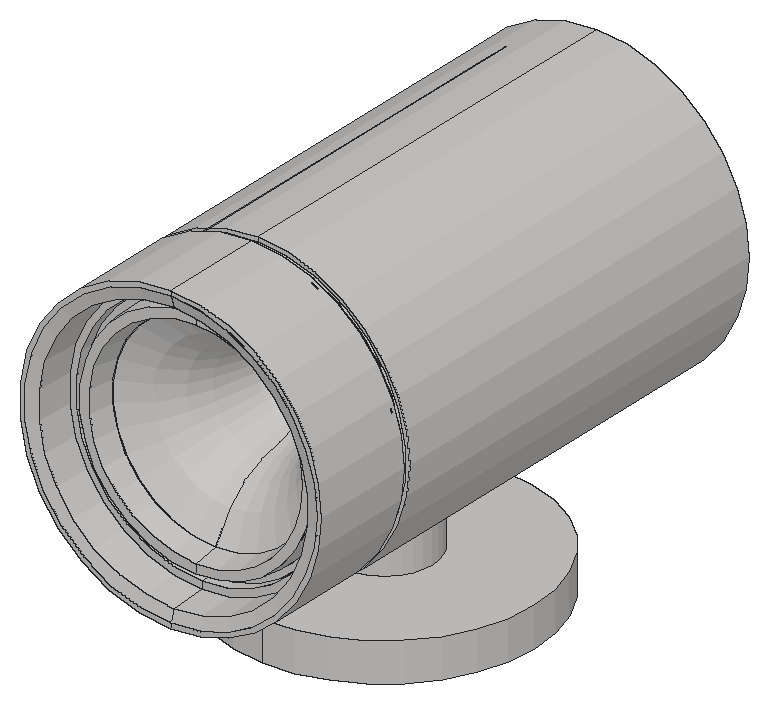
Revit family "CLighting - Luminii - Leto 11 WM", category Lighting Fixtures, host Face, Revit 2020
Family settings
  Host = Face
  Round Connector Dimension = Use Diameter
  Part Type = Normal
  OmniClass Number = 23.80.70.11.14.21
  OmniClass Title = Spots and Tracklight Specialties
  Cut with Voids When Loaded = No
  Light Source = Yes
  Shared = Yes
  Room Calculation Point = No
Parameters (values of type "Leto 11 WM")
  Width = 4.92188"  # constant formula
  Wattage Comments = "6.1W"
  Wattage = 6.10022 W
  Warranty URL = "https://www.luminii.com/terms-conditions/"
  built-in parameter 1150110 = 1 (stored number, unit not read)
  Voltage Comments = "120V | 277V | 347V"  # constant formula
  Voltage = 120 V
  Version = "2020 - v1.0a"  # constant formula
  URL = "https://www.luminii.com/"
  built-in parameter 1114217 = 1 (stored number, unit not read)
  Tilt Angle = 0.00°  # constant formula
  built-in parameter 1150109 = 1 (stored number, unit not read)
  built-in parameter 1150134 = (empty or 0)
  built-in parameter 1150113 = 1 (stored number, unit not read)
  Support Phone = "224-699-9545"  # constant formula
  Support Email = "mailto:support@bimsmith.com"
  Product Page URL = "https://www.luminii.com/product/leto-11-wm/"
  Power Source Type = "Driver"  # constant formula
  Power Factor = 1
  Photometric Web File = "745-A90-610-30-07-DL.ies"
  Phase = 1
  Operating Temperature = "Consult Manufacturer Website for more Information"  # constant formula
  Number of Poles = if(and(or(Voltage = 120 V, Voltage = 277 V), Phase = 1), 1, if(and(or(Voltage = 208 V, Voltage = 240 V), Phase = 1), 2, if(and(or(Voltage = 208 V, Voltage = 240 V), Phase = 3), 3, if(and(Voltage > 300 V, Phase = 1), 2, if(and(Voltage > 400 V, Phase = 3), 3, 1)))))  # 1
  Mounting Method = "Wall Mount"  # constant formula
  Model = "745"  # constant formula
  Manufacturer Phone Number = "403-216-7043"  # constant formula
  Manufacturer Email = "mailto: info@sensolighting.com"
  Manufacturer Address = "302 50 Ave SE. Calgary, Alberta, T2G 2A9 Canada"  # constant formula
  Manufacturer = "Luminii"  # constant formula
  built-in parameter 1150105 = 55.704 (stored number, unit not read)
  Lumens = 700 lm
  Luminaire Type = "Consult Manufacturer Website for more Information"  # constant formula
  built-in parameter 1150115 = 1 (stored number, unit not read)
  Load Classification = Lighting
  built-in parameter 1150137 = (empty or 0)
  built-in parameter 1150139 = (empty or 0)
  Lens Material = Plastic - Luminii - Frosted Lens
  Length [instance] = 8.66016"  # constant formula
  built-in parameter 1150112 = 1 (stored number, unit not read)
  built-in parameter 1150114 = 1 (stored number, unit not read)
  Lamp Life = 1
  Lamp = "LED"  # constant formula
  Keynote = "26 50 00"
  built-in parameter 1150132 = 2
  built-in parameter 1150102 = (empty or 0)
  built-in parameter 1150107 = 3500 (stored number, unit not read)
  Initial Color Comments = "Perfomance based on 3500K Photometric Web File"  # constant formula
  built-in parameter 1150138 = (empty or 0)
  built-in parameter 1150106 = 0.55704 (stored number, unit not read)
  Housing Protection Rating = "Consult Manufacturer Website for more Information"  # constant formula
  Has Dimming = 1 = 1  # yes
  Has Battery Backup = 0 = 1  # no
  Frequency Comments = ""  # constant formula
  Frequency = 60 Hz
  Finish = Metal - Luminii - Silver Anodized Aluminum
  Environment = "Indoor"  # constant formula
  built-in parameter 1150104 = 10.661 (stored number, unit not read)
  Dimming Type = "Consult Manufacturer Website for more Information"  # constant formula
  Dimming Lamp Color Temperature Shift = <None>
  Description = "Wall Mount Cylinder"  # constant formula
  Depth = 6.46094"  # constant formula
  Default Elevation = 0.00"  # constant formula
  Current Amps = 50 A
  Copyright = "©2023 Luminii"  # constant formula
  Control Zone = "Consult Manufacturer Website for more Information"  # constant formula
  Control Type = "Consult Manufacturer Website for more Information"  # constant formula
  Constraints = 1  # constant formula
  Color Filter = 16777215
  built-in parameter 1114216 [instance] = 0  # (empty or 0)
  built-in parameter 1140040 [instance] = 1 = 1  # 1
  CCT = "3500K"
  built-in parameter 1114218 = 1 (stored number, unit not read)
  built-in parameter 1150133 = 10 (stored number, unit not read)
  Assembly Code = "D5020230"
  Apparent Load = Wattage / Power Factor  # 6.10022 VA
Reference planes (in)
  plane 1 "Center (Front/Back)": y = 0
  plane 2: z = 0
  plane 3 "Center (Left/Right)": x = 0
  plane 4: x = -2.46094
  plane 5: x = 2.46094
  plane 6: y = 4.33008
  plane 7: y = -4.33008
  plane 8: z = 3.78887
Forms (in)
  Extrusion 1, solid, material "Metal - Luminii - Silver Anodized Aluminum", not visible
    sketch origin (0, 0, 0) x (1, 0, 0) y (0, 1, 0)
      loop
        circle (0, 0) r 0.5
    from 0 to -0.17225
Lines and regions (in)
  model lines
    curve 1: line (-2.46063, 0, 0) -> (2.46063, 0, 0)
Dimensions and locks (in)
  equal spacing: plane 4, plane 3 "Center (Left/Right)", plane 5
  equal spacing: plane 6, plane 1 "Center (Front/Back)", plane 7
  locked: plane 6 to plane 7 at 8.66016
  locked: plane 8 to nested 1 at 3.78887
  locked: plane 1 "Center (Front/Back)" to imposter light at 1.96094
  nested 1 to nested 1 = 8.66142"
  locked: plane 4 to plane 5 at 4.92188
  aligned and locked: plane 2 to host face
  aligned and locked: plane 3 "Center (Left/Right)" to Extrusion 1 sketch curve
  aligned and locked: plane 1 "Center (Front/Back)" to Extrusion 1 sketch curve
  aligned and locked: plane 2 to Extrusion 1  (x2)
  aligned and locked: imposter light to plane 3 "Center (Left/Right)"
  aligned and locked: plane 3 "Center (Left/Right)" to nested 1
  aligned and locked: plane 1 "Center (Front/Back)" to nested 1
Automatic sketch dimensions
  host sketch curve to host sketch curve = 96.00"  (x2)
  curve 1 to level = 0.00"
  curve 1 to plane 3 "Center (Left/Right)" = 2.46063"
  plane 3 "Center (Left/Right)" to curve 1 = 2.46063"
  radius of Extrusion 1 sketch curve = 0.50"
Nested families (in)
  nested 1: "Nested - Lamp" at (0, 0, 0), type "Nested - Lamp"
Connectors (in)
  electrical at (0, 0, 0), driven by "Number of Poles", driven by "Load Classification", driven by "Voltage", driven by "Apparent Load", driven by "Power Factor"
    settings: on Extrusion 1, index 1, voltage 120 V, apparent load 6.10022 VA, apparent load phase1 0 VA, apparent load phase2 0 VA, apparent load phase3 0 VA, power factor 1, load classification "Lighting", number of poles 1, system type 30, power factor state 1, is connector primary yes, connector utility no, sub classification motor no, connector description "Power Connection"
Definition of nested family "Nested - Lamp"
  Parameters (values of type "Nested - Lamp")
    Screen Material = none
    Finish = none
    Default Elevation = 48.00"
  Reference planes (in)
    plane 1 "Center (Front/Back)": y = 0
    plane 2: z = 0
    plane 3 "Center (Left/Right)": x = 0
    plane 4: z = 3.78887
  Forms (in)
    Extrusion 1, solid
      sketch origin (0, 0, 0) x (1, 0, 0) y (0, 1, 0)
        loop
          line (-48, 48) -> (-48, -48) -> (48, -48) -> (48, 48) -> (-48, 48)
      from 0 to -12
    Revolve 2, solid, material <- "Finish", detail levels medium+fine
      sketch origin (0, 0, 0) x (0, 1, 0) y (0, 0, 1)
        loop
          line (-4.33071, 1.32824) -> (-2.67717, 1.32824) -> (-2.67717, 1.3912) -> (-2.65443, 1.41393) -> (-2.58179, 1.41393) -> (-2.55906, 1.3912) -> (-2.55906, 1.32824) -> (4.33071, 1.32824) -> (4.33071, 1.4621) -> (4.20866, 1.4621) -> (4.20866, 3.78887) -> (4.13386, 3.78887) -> (4.13386, 1.52509) -> (-3.35469, 1.52509) -> (-3.35469, 2.11614) -> (-3.4252, 2.11614) -> (-3.8189, 2.04672) -> (-3.8189, 1.89723) -> (-3.54331, 1.8585) -> (-3.54331, 1.75574) -> (-3.70233, 1.74182) -> (-3.70233, 1.62607) -> (-4.27552, 1.59603) -> (-4.33071, 1.40675) -> (-4.33071, 1.32824)
        axis (4.33071, 3.78887) -> (-4.33071, 3.78887)
      angle from 0 to 360
    Revolve 3, solid
      sketch origin (0, 0, 0) x (0, 1, 0) y (0, 0, 1)
        loop
          spline (-3.35469, 2.11614) -> (-3.21791, 2.34536) -> (-3.07298, 2.52767) -> (-2.92188, 2.67013) -> (-2.76618, 2.77954) -> (-2.60713, 2.86253) -> (-2.44613, 2.92553) -> (-2.28487, 2.9746) -> (-2.12511, 3.01579) -> (-1.96865, 3.05551) -> (-1.81731, 3.10038) -> (-1.67332, 3.15729) -> (-1.53937, 3.23356)
          line (-1.53937, 3.23356) -> (-1.53937, 2.80462) -> (-1.30315, 2.80462) -> (-1.30315, 3.78887) -> (-1.44094, 3.78887) -> (-1.44094, 3.33182)
          arc (-1.44094, 3.33182) -> (-1.49107, 3.321) -> (-1.53937, 3.30375) r 0.39344
          spline (-1.53937, 3.30375) -> (-1.66883, 3.22901) -> (-1.81084, 3.17183) -> (-1.96314, 3.12564) -> (-2.12347, 3.08383) -> (-2.2896, 3.03982) -> (-2.45925, 2.98701) -> (-2.63018, 2.9188) -> (-2.80014, 2.82861) -> (-2.96688, 2.70985) -> (-3.12813, 2.55591) -> (-3.28166, 2.3602) -> (-3.4252, 2.11614)
          line (-3.4252, 2.11614) -> (-3.35469, 2.11614)
        axis (-1.30315, 3.78887) -> (-3.4252, 3.78887)
      angle from 0 to 360
    Revolve 4, solid, material <- "Screen Material"
      sketch origin (0, 0, 0) x (0, 1, 0) y (0, 0, 1)
        loop
          arc (-1.80914, 3.78887) -> (-1.70564, 3.49541) -> (-1.44094, 3.33182) r 0.46777
          line (-1.44094, 3.33182) -> (-1.44094, 3.78887) -> (-1.80914, 3.78887)
        axis (-1.80914, 3.78887) -> (-1.44094, 3.78887)
      angle from 0 to 360
    Revolve 5, solid, material <- "Finish"
      sketch origin (0, 0, 0) x (0, 1, 0) y (0, 0, 1)
        loop
          line (0.78761, 0.62992) -> (0.78761, 1.44136) -> (0, 1.44136) -> (0, 0) -> (2.46063, 0) -> (2.46063, 0.62992) -> (0.78761, 0.62992)
        axis (0, 1.44136) -> (0, 0)
      angle from 0 to 360
    Revolve 6, solid, material <- "Finish", detail levels coarse
      sketch origin (0, 0, 0) x (0, 1, 0) y (0, 0, 1)
        loop
          line (-4.33071, 1.32824) -> (4.33071, 1.32824) -> (4.33071, 1.4621) -> (4.20866, 1.4621) -> (4.20866, 3.78887) -> (4.13386, 3.78887) -> (4.13386, 1.52509) -> (-3.35469, 1.52509) -> (-3.35469, 2.11614) -> (-3.8189, 2.11614) -> (-3.8189, 1.61996) -> (-4.33071, 1.59314) -> (-4.33071, 1.32824)
        axis (4.33071, 3.78887) -> (-4.33071, 3.78887)
      angle from 0 to 360
  Dimensions and locks (in)
    aligned and locked: plane 2 to Extrusion 1
    aligned and locked: level to Extrusion 1
